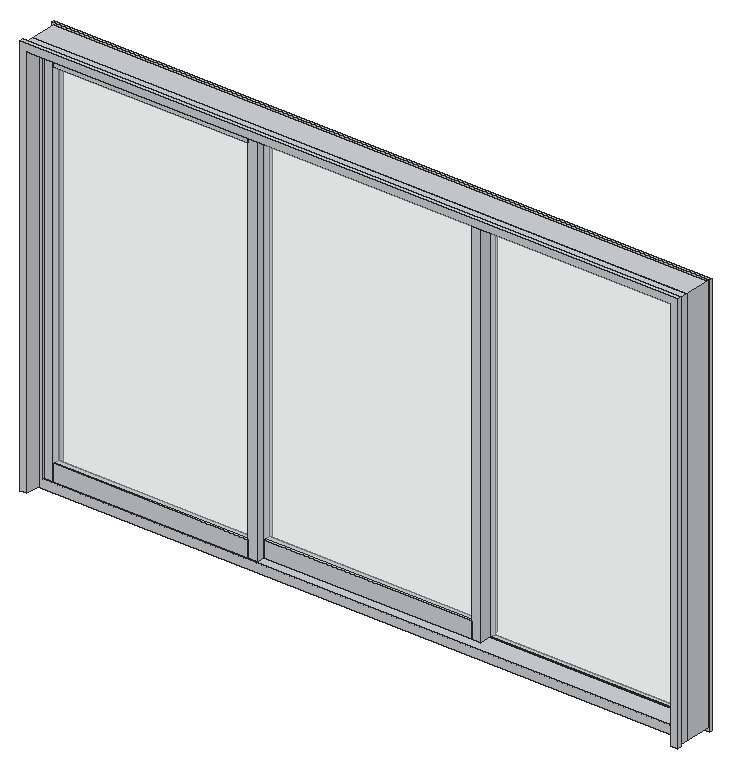
Revit family "APL Residential Thermal Heart Sliding Door SSF", category Doors, host Wall, Revit 2017 (continued)
Definition of nested family "APL Residential Thermal Heart Sliding Door SSF Horizontal Section"
  Definition of nested family "Heavy Duty Interlocker"
    Definition of nested family "65500_Interlocker Stile"
      Lines and regions (mm)
        model lines, in view "Ref. Level"
          curve 16: arc (-24.559, 14.446, 0) -> (-24.704, 14.802, 0) -> (-25.059, 14.95, 0) r 0.5
          curve 17: arc (-27.408, 14.95, 0) -> (-27.627, 14.823, 0) -> (-27.622, 14.57, 0) r 0.25
          curve 18: arc (-27.57, 14.484, 0) -> (-27.437, 14.378, 0) -> (-27.268, 14.381, 0) r 0.25
          curve 19: arc (-26.503, 13.127, 0) -> (-26.47, 13.052, 0) -> (-26.459, 12.971, 0) r 0.3
          curve 20: arc (-26.459, 12.45, 0) -> (-26.536, 12.292, 0) -> (-26.709, 12.256, 0) r 0.2
          curve 21: arc (-30.711, 12.45, 0) -> (-30.834, 12.424, 0) -> (-30.935, 12.35, 0) r 0.3
          curve 22: arc (-30.935, 12.35, 0) -> (-31.266, 12.27, 0) -> (-31.459, 12.55, 0) r 0.3
          curve 23: arc (-30.916, 14.771, 0) -> (-30.864, 14.86, 0) -> (-30.774, 14.912, 0) r 0.2
          curve 24: arc (-30.607, 14.957, 0) -> (-30.465, 15.098, 0) -> (-30.517, 15.291, 0) r 0.2
          curve 25: arc (-30.881, 15.655, 0) -> (-30.966, 15.715, 0) -> (-31.067, 15.742, 0) r 0.3
          curve 26: arc (-33.432, 15.949, 0) -> (-33.697, 15.833, 0) -> (-33.741, 15.547, 0) r 0.3
          curve 27: arc (-33.227, 14.137, 0) -> (-33.14, 14.011, 0) -> (-33.002, 13.945, 0) r 0.3
          curve 28: arc (-33.002, 13.945, 0) -> (-32.759, 13.672, 0) -> (-32.959, 13.367, 0) r 0.3
          curve 29: arc (-32.959, 12.624, 0) -> (-33.017, 12.482, 0) -> (-33.159, 12.424, 0) r 0.2
          curve 30: arc (-35.159, 12.424, 0) -> (-35.512, 12.277, 0) -> (-35.659, 11.924, 0) r 0.5
          curve 31: arc (-35.659, 10.05, 0) -> (-35.717, 9.908, 0) -> (-35.859, 9.85, 0) r 0.2
          curve 32: arc (-45.581, 9.85, 0) -> (-45.935, 9.996, 0) -> (-46.081, 10.349, 0) r 0.499
          curve 33: arc (-46.081, 10.75, 0) -> (-45.935, 11.104, 0) -> (-45.581, 11.25, 0) r 0.5
          curve 34: arc (-44.831, 11.25, 0) -> (-44.69, 11.309, 0) -> (-44.631, 11.45, 0) r 0.2
          curve 35: arc (-44.631, 12.05, 0) -> (-44.69, 12.191, 0) -> (-44.831, 12.25, 0) r 0.2
          curve 36: arc (-47.931, 12.25, 0) -> (-48.072, 12.191, 0) -> (-48.131, 12.05, 0) r 0.2
          curve 37: arc (-48.131, 11.45, 0) -> (-48.072, 11.309, 0) -> (-47.931, 11.25, 0) r 0.2
          curve 38: arc (-47.581, 11.25, 0) -> (-47.44, 11.191, 0) -> (-47.381, 11.05, 0) r 0.2
          curve 39: arc (-47.381, 10.45, 0) -> (-47.44, 10.309, 0) -> (-47.581, 10.25, 0) r 0.2
          curve 40: arc (-47.931, 10.25, 0) -> (-48.072, 10.191, 0) -> (-48.131, 10.05, 0) r 0.2
          curve 41: arc (-48.131, 9.749, 0) -> (-48.277, 9.395, 0) -> (-48.631, 9.249, 0) r 0.5
          curve 42: arc (-49.631, 9.249, 0) -> (-49.985, 9.395, 0) -> (-50.131, 9.749, 0) r 0.5
          curve 43: arc (-50.131, 10.05, 0) -> (-50.19, 10.191, 0) -> (-50.331, 10.25, 0) r 0.2
          curve 44: arc (-50.681, 10.25, 0) -> (-50.822, 10.309, 0) -> (-50.881, 10.45, 0) r 0.2
          curve 45: arc (-50.881, 11.05, 0) -> (-50.822, 11.191, 0) -> (-50.681, 11.25, 0) r 0.2
          curve 46: arc (-50.331, 11.25, 0) -> (-50.19, 11.309, 0) -> (-50.131, 11.45, 0) r 0.2
          curve 47: arc (-50.131, 12.05, 0) -> (-50.19, 12.191, 0) -> (-50.331, 12.25, 0) r 0.2
          curve 48: arc (-51.761, 12.25, 0) -> (-51.902, 12.191, 0) -> (-51.961, 12.05, 0) r 0.2
          curve 49: arc (-52.336, 8.799, 0) -> (-52.711, 8.424, 0) -> (-52.336, 8.049, 0) r 0.375
          curve 50: arc (-33.059, 8.05, 0) -> (-32.559, 8.55, 0) -> (-33.059, 9.05, 0) r 0.5
          curve 51: arc (-33.959, 9.05, 0) -> (-34.1, 9.109, 0) -> (-34.159, 9.25, 0) r 0.2
          curve 52: arc (-34.159, 10.35, 0) -> (-34.1, 10.491, 0) -> (-33.959, 10.55, 0) r 0.2
          curve 53: arc (-26.659, 10.55, 0) -> (-26.517, 10.491, 0) -> (-26.459, 10.35, 0) r 0.2
          curve 54: arc (-26.459, 9.25, 0) -> (-26.517, 9.109, 0) -> (-26.659, 9.05, 0) r 0.2
          curve 55: arc (-27.559, 9.05, 0) -> (-28.059, 8.55, 0) -> (-27.559, 8.05, 0) r 0.5
          curve 56: arc (-19.061, 8.05, 0) -> (-18.707, 7.904, 0) -> (-18.561, 7.55, 0) r 0.5
          curve 57: arc (-18.561, 2.6, 0) -> (-18.854, 1.893, 0) -> (-19.561, 1.6, 0) r 1
          curve 58: arc (-28.809, 1.6, 0) -> (-29.609, 0.8, 0) -> (-28.809, 0, 0) r 0.8
          curve 59: arc (-17.661, 0, 0) -> (-16.954, 0.293, 0) -> (-16.661, 1, 0) r 1
          curve 60: arc (-16.661, 1.8, 0) -> (-16.602, 1.941, 0) -> (-16.461, 2, 0) r 0.2
          curve 61: arc (-15.744, 2, 0) -> (-15.438, 2.199, 0) -> (-15.166, 1.957, 0) r 0.3
          curve 62: arc (-15.166, 1.957, 0) -> (-15.1, 1.819, 0) -> (-14.974, 1.732, 0) r 0.3
          curve 63: line (-13.162, 1.526, 0) -> (-13.369, 3.892, 0)
          curve 64: line (-13.456, 4.078, 0) -> (-13.819, 4.441, 0)
          curve 65: line (-14.154, 4.352, 0) -> (-14.199, 4.184, 0)
          curve 66: line (-14.199, 4.184, 0) -> (-16.329, 3.51, 0)
          curve 67: line (-16.329, 3.51, 0) -> (-16.561, 3.5, 0)
          curve 68: line (-16.661, 4.247, 0) -> (-16.661, 7.475, 0)
          curve 69: line (-16.661, 7.475, 0) -> (-16.855, 8.25, 0)
          curve 70: line (-16.661, 8.5, 0) -> (-16.14, 8.5, 0)
          curve 71: line (-16.14, 8.5, 0) -> (-14.73, 7.691, 0)
          curve 72: line (-14.161, 7.549, 0) -> (-14.161, 7.8, 0)
          curve 73: line (-13.961, 8, 0) -> (-13.688, 8, 0)
          curve 74: line (-13.5, 8.132, 0) -> (-13.266, 8.775, 0)
          curve 75: line (-13.236, 8.946, 0) -> (-13.236, 9.9, 0)
          curve 76: line (-13.736, 10.4, 0) -> (-24.052, 10.4, 0)
          curve 77: line (-24.559, 10.9, 0) -> (-24.559, 14.446, 0)
          curve 78: line (-25.059, 14.95, 0) -> (-27.408, 14.95, 0)
          curve 79: line (-27.268, 14.381, 0) -> (-26.503, 13.127, 0)
          curve 80: line (-26.503, 13.127, 0) -> (-26.459, 12.45, 0)
          curve 81: line (-26.709, 12.256, 0) -> (-27.459, 12.45, 0)
          curve 82: line (-27.434, 12.444, 0) -> (-30.711, 12.45, 0)
          curve 83: line (-31.459, 12.704, 0) -> (-30.916, 14.771, 0)
          curve 84: line (-30.916, 14.771, 0) -> (-30.607, 14.957, 0)
          curve 85: line (-30.517, 15.291, 0) -> (-30.881, 15.655, 0)
          curve 86: line (-31.067, 15.742, 0) -> (-33.432, 15.949, 0)
          curve 87: line (-33.741, 15.547, 0) -> (-33.227, 14.137, 0)
          curve 88: line (-32.959, 13.367, 0) -> (-32.959, 12.624, 0)
          curve 89: line (-33.159, 12.424, 0) -> (-35.159, 12.424, 0)
          curve 90: line (-35.659, 11.924, 0) -> (-35.659, 10.05, 0)
          curve 91: line (-35.859, 9.85, 0) -> (-45.581, 9.85, 0)
          curve 92: line (-46.081, 10.349, 0) -> (-46.081, 10.75, 0)
          curve 93: line (-45.581, 11.25, 0) -> (-44.831, 11.25, 0)
          curve 94: line (-44.631, 11.45, 0) -> (-44.631, 12.05, 0)
          curve 95: line (-44.831, 12.25, 0) -> (-47.931, 12.25, 0)
          curve 96: line (-48.131, 12.05, 0) -> (-48.131, 11.45, 0)
          curve 97: line (-47.931, 11.25, 0) -> (-47.581, 11.25, 0)
          curve 98: line (-47.381, 11.05, 0) -> (-47.381, 10.45, 0)
          curve 99: line (-47.581, 10.25, 0) -> (-47.931, 10.25, 0)
          curve 100: line (-48.131, 10.05, 0) -> (-48.131, 9.749, 0)
          curve 101: line (-48.631, 9.249, 0) -> (-49.631, 9.249, 0)
          curve 102: line (-50.131, 9.749, 0) -> (-50.131, 10.05, 0)
          curve 103: line (-50.331, 10.25, 0) -> (-50.681, 10.25, 0)
          curve 104: line (-50.881, 10.45, 0) -> (-50.881, 11.05, 0)
          curve 105: line (-50.681, 11.25, 0) -> (-50.331, 11.25, 0)
          curve 106: line (-50.131, 11.45, 0) -> (-50.131, 12.05, 0)
          curve 107: line (-50.331, 12.25, 0) -> (-51.761, 12.25, 0)
          curve 108: line (-51.961, 12.05, 0) -> (-51.961, 8.799, 0)
          curve 109: line (-51.961, 8.799, 0) -> (-52.336, 8.799, 0)
          curve 110: line (-52.336, 8.049, 0) -> (-33.059, 8.049, 0)
          curve 111: line (-33.059, 9.05, 0) -> (-33.959, 9.05, 0)
          curve 112: line (-34.159, 9.25, 0) -> (-34.159, 10.35, 0)
          curve 113: line (-33.959, 10.55, 0) -> (-26.659, 10.55, 0)
          curve 114: line (-26.459, 10.35, 0) -> (-26.459, 9.25, 0)
          curve 115: line (-26.659, 9.05, 0) -> (-27.559, 9.05, 0)
          curve 116: line (-27.559, 8.05, 0) -> (-19.061, 8.05, 0)
          curve 117: line (-18.561, 7.55, 0) -> (-18.561, 2.6, 0)
          curve 118: line (-19.561, 1.6, 0) -> (-28.809, 1.6, 0)
          curve 119: line (-28.809, 0, 0) -> (-17.661, 0, 0)
          curve 120: line (-16.661, 1, 0) -> (-16.661, 1.8, 0)
          curve 121: line (-16.461, 2, 0) -> (-15.744, 2, 0)
          curve 122: line (-14.974, 1.732, 0) -> (-13.564, 1.218, 0)
          curve 123: arc (-31.398, 41.7, 0) -> (-31.251, 42.054, 0) -> (-30.898, 42.2, 0) r 0.5
          curve 124: arc (-2.1, 42.2, 0) -> (-1.746, 42.054, 0) -> (-1.6, 41.7, 0) r 0.5
          curve 125: arc (-1.6, 10.9, 0) -> (-1.746, 10.546, 0) -> (-2.1, 10.4, 0) r 0.5
          curve 126: arc (-4.86, 10.4, 0) -> (-5.213, 10.254, 0) -> (-5.36, 9.9, 0) r 0.5
          curve 127: arc (-5.36, 9.042, 0) -> (-5.352, 8.955, 0) -> (-5.33, 8.871, 0) r 0.5
          curve 128: arc (-5.061, 8.132, 0) -> (-4.987, 8.036, 0) -> (-4.873, 8, 0) r 0.2
          curve 129: arc (-4.6, 8, 0) -> (-4.459, 7.941, 0) -> (-4.4, 7.8, 0) r 0.2
          curve 130: arc (-4.4, 7.55, 0) -> (-4.272, 7.332, 0) -> (-4.02, 7.337, 0) r 0.25
          curve 131: arc (-3.934, 7.389, 0) -> (-3.828, 7.521, 0) -> (-3.831, 7.691, 0) r 0.25
          curve 132: arc (-2.577, 8.456, 0) -> (-2.502, 8.489, 0) -> (-2.421, 8.5, 0) r 0.3
          curve 133: arc (-1.9, 8.5, 0) -> (-1.742, 8.422, 0) -> (-1.706, 8.25, 0) r 0.2
          curve 134: arc (-1.9, 4.247, 0) -> (-1.874, 4.125, 0) -> (-1.8, 4.024, 0) r 0.3
          curve 135: arc (-1.8, 4.024, 0) -> (-1.72, 3.693, 0) -> (-2, 3.5, 0) r 0.3
          curve 136: arc (-4.221, 4.043, 0) -> (-4.31, 4.095, 0) -> (-4.362, 4.184, 0) r 0.2
          curve 137: arc (-4.407, 4.352, 0) -> (-4.548, 4.493, 0) -> (-4.741, 4.441, 0) r 0.2
          curve 138: arc (-5.105, 4.078, 0) -> (-5.165, 3.992, 0) -> (-5.192, 3.892, 0) r 0.3
          curve 139: arc (-5.399, 1.526, 0) -> (-5.283, 1.262, 0) -> (-4.997, 1.218, 0) r 0.3
          curve 140: arc (-3.587, 1.732, 0) -> (-3.461, 1.819, 0) -> (-3.395, 1.957, 0) r 0.3
          curve 141: arc (-3.395, 1.957, 0) -> (-3.122, 2.199, 0) -> (-2.817, 2, 0) r 0.3
          curve 142: arc (-2.1, 2, 0) -> (-1.959, 1.941, 0) -> (-1.9, 1.8, 0) r 0.2
          curve 143: arc (-1.9, 1, 0) -> (-1.607, 0.293, 0) -> (-0.9, 0, 0) r 1
          curve 144: arc (-0.5, 0, 0) -> (-0.146, 0.146, 0) -> (0, 0.5, 0) r 0.5
          curve 145: arc (0, 43, 0) -> (-0.293, 43.707, 0) -> (-1, 44, 0) r 1
          curve 146: arc (-52.375, 44, 0) -> (-52.75, 43.625, 0) -> (-52.375, 43.25, 0) r 0.375
          curve 147: arc (-52, 42.15, 0) -> (-51.941, 42.009, 0) -> (-51.8, 41.95, 0) r 0.2
          curve 148: arc (-50.962, 40.688, 0) -> (-50.917, 40.558, 0) -> (-50.797, 40.488, 0) r 0.2
          curve 149: arc (-48.613, 40.25, 0) -> (-48.454, 40.328, 0) -> (-48.42, 40.502, 0) r 0.2
          curve 150: arc (-48.808, 41.948, 0) -> (-48.773, 42.122, 0) -> (-48.615, 42.2, 0) r 0.2
          curve 151: arc (-33.498, 42.2, 0) -> (-33.144, 42.054, 0) -> (-32.998, 41.7, 0) r 0.5
          curve 152: arc (-32.998, 35.05, 0) -> (-32.939, 34.909, 0) -> (-32.798, 34.85, 0) r 0.2
          curve 153: arc (-26.398, 34.85, 0) -> (-26.256, 34.792, 0) -> (-26.198, 34.65, 0) r 0.2
          curve 154: arc (-26.198, 29.353, 0) -> (-26.255, 29.21, 0) -> (-26.398, 29.15, 0) r 0.2
          curve 155: arc (-32.798, 29.15, 0) -> (-32.939, 29.091, 0) -> (-32.998, 28.95, 0) r 0.2
          curve 156: arc (-32.998, 26.333, 0) -> (-32.799, 26.028, 0) -> (-33.041, 25.755, 0) r 0.3
          curve 157: arc (-33.041, 25.755, 0) -> (-33.179, 25.689, 0) -> (-33.266, 25.563, 0) r 0.3
          curve 158: arc (-33.78, 24.153, 0) -> (-33.736, 23.867, 0) -> (-33.472, 23.751, 0) r 0.3
          curve 159: arc (-31.106, 23.958, 0) -> (-31.005, 23.985, 0) -> (-30.92, 24.045, 0) r 0.3
          curve 160: arc (-30.556, 24.409, 0) -> (-30.505, 24.602, 0) -> (-30.646, 24.743, 0) r 0.2
          curve 161: arc (-30.813, 24.788, 0) -> (-30.903, 24.84, 0) -> (-30.955, 24.929, 0) r 0.2
          curve 162: arc (-31.498, 27.15, 0) -> (-31.305, 27.43, 0) -> (-30.974, 27.35, 0) r 0.3
          curve 163: arc (-30.974, 27.35, 0) -> (-30.873, 27.276, 0) -> (-30.75, 27.25, 0) r 0.3
          curve 164: arc (-26.748, 27.444, 0) -> (-26.575, 27.408, 0) -> (-26.498, 27.25, 0) r 0.2
          curve 165: arc (-26.498, 26.729, 0) -> (-26.509, 26.648, 0) -> (-26.542, 26.573, 0) r 0.3
          curve 166: arc (-27.307, 25.319, 0) -> (-27.477, 25.322, 0) -> (-27.609, 25.216, 0) r 0.25
          curve 167: arc (-27.661, 25.13, 0) -> (-27.666, 24.878, 0) -> (-27.448, 24.75, 0) r 0.25
          curve 168: arc (-25.098, 24.75, 0) -> (-24.744, 24.896, 0) -> (-24.598, 25.25, 0) r 0.5
          curve 169: arc (-24.598, 36.25, 0) -> (-24.656, 36.391, 0) -> (-24.798, 36.45, 0) r 0.2
          curve 170: line (-31.398, 36.65, 0) -> (-31.398, 41.7, 0)
          curve 171: line (-30.898, 42.2, 0) -> (-2.1, 42.2, 0)
          curve 172: line (-1.6, 41.7, 0) -> (-1.6, 10.9, 0)
          curve 173: line (-2.1, 10.4, 0) -> (-4.86, 10.4, 0)
          curve 174: line (-5.36, 9.9, 0) -> (-5.36, 9.042, 0)
          curve 175: line (-5.33, 8.871, 0) -> (-5.061, 8.132, 0)
          curve 176: line (-4.873, 8, 0) -> (-4.6, 8, 0)
          curve 177: line (-4.4, 7.8, 0) -> (-4.4, 7.55, 0)
          curve 178: line (-3.831, 7.691, 0) -> (-2.577, 8.456, 0)
          curve 179: line (-2.577, 8.456, 0) -> (-1.9, 8.5, 0)
          curve 180: line (-1.706, 8.25, 0) -> (-1.894, 7.525, 0)
          curve 181: line (-1.894, 7.525, 0) -> (-1.9, 4.247, 0)
          curve 182: line (-2.154, 3.5, 0) -> (-4.221, 4.043, 0)
          curve 183: line (-4.221, 4.043, 0) -> (-4.407, 4.352, 0)
          curve 184: line (-4.741, 4.441, 0) -> (-5.105, 4.078, 0)
          curve 185: line (-5.192, 3.892, 0) -> (-5.399, 1.526, 0)
          curve 186: line (-4.997, 1.218, 0) -> (-3.587, 1.732, 0)
          curve 187: line (-2.817, 2, 0) -> (-2.1, 2, 0)
          curve 188: line (-1.9, 1.8, 0) -> (-1.9, 1, 0)
          curve 189: line (-0.9, 0, 0) -> (-0.5, 0, 0)
          curve 190: line (0, 0.5, 0) -> (0, 43, 0)
          curve 191: line (-1, 44, 0) -> (-52.375, 44, 0)
          curve 192: line (-52.375, 43.25, 0) -> (-52, 43.25, 0)
          curve 193: line (-52, 43.25, 0) -> (-52, 42.15, 0)
          curve 194: line (-51.8, 41.95, 0) -> (-50.962, 41.95, 0)
          curve 195: line (-50.962, 41.95, 0) -> (-50.962, 40.688, 0)
          curve 196: line (-50.797, 40.488, 0) -> (-49.444, 40.25, 0)
          curve 197: line (-49.444, 40.25, 0) -> (-48.613, 40.25, 0)
          curve 198: line (-48.42, 40.502, 0) -> (-48.808, 41.948, 0)
          curve 199: line (-48.615, 42.2, 0) -> (-33.498, 42.2, 0)
          curve 200: line (-32.998, 41.7, 0) -> (-32.998, 35.05, 0)
          curve 201: line (-32.798, 34.85, 0) -> (-26.398, 34.85, 0)
          curve 202: line (-26.198, 34.65, 0) -> (-26.198, 29.353, 0)
          curve 203: line (-26.398, 29.15, 0) -> (-32.798, 29.15, 0)
          curve 204: line (-32.998, 28.95, 0) -> (-32.998, 26.333, 0)
          curve 205: line (-33.266, 25.563, 0) -> (-33.78, 24.153, 0)
          curve 206: line (-33.472, 23.751, 0) -> (-31.106, 23.958, 0)
          curve 207: line (-30.92, 24.045, 0) -> (-30.556, 24.409, 0)
          curve 208: line (-30.646, 24.743, 0) -> (-30.813, 24.788, 0)
          curve 209: line (-30.813, 24.788, 0) -> (-31.487, 26.918, 0)
          curve 210: line (-31.487, 26.918, 0) -> (-31.498, 27.15, 0)
          curve 211: line (-30.75, 27.25, 0) -> (-27.523, 27.25, 0)
          curve 212: line (-27.523, 27.25, 0) -> (-26.748, 27.444, 0)
          curve 213: line (-26.498, 27.25, 0) -> (-26.498, 26.729, 0)
          curve 214: line (-26.498, 26.729, 0) -> (-27.307, 25.319, 0)
          curve 215: line (-27.448, 24.75, 0) -> (-25.098, 24.75, 0)
          curve 216: line (-24.598, 25.25, 0) -> (-24.598, 36.25, 0)
          curve 217: line (-24.798, 36.45, 0) -> (-31.197, 36.45, 0)
          curve 218: arc (-31.197, 36.45, 0) -> (-31.339, 36.508, 0) -> (-31.398, 36.65, 0) r 0.2
          curve 219: arc (-27.398, 12.45, 0) -> (-27.115, 12.567, 0) -> (-26.998, 12.85, 0) r 0.4
          curve 220: arc (-26.998, 13.143, 0) -> (-27.011, 13.246, 0) -> (-27.052, 13.343, 0) r 0.4
          curve 221: arc (-27.936, 14.871, 0) -> (-28.057, 15.161, 0) -> (-28.098, 15.472, 0) r 1.2
          curve 222: arc (-28.098, 16.395, 0) -> (-28.279, 16.968, 0) -> (-28.756, 17.334, 0) r 1
          curve 223: arc (-30.935, 18.127, 0) -> (-31.125, 18.274, 0) -> (-31.198, 18.503, 0) r 0.4
          curve 224: arc (-31.198, 21.197, 0) -> (-31.125, 21.426, 0) -> (-30.935, 21.573, 0) r 0.4
          curve 225: arc (-28.756, 22.366, 0) -> (-28.279, 22.732, 0) -> (-28.098, 23.305, 0) r 1
          curve 226: arc (-28.098, 24.228, 0) -> (-28.057, 24.539, 0) -> (-27.936, 24.829, 0) r 1.2
          curve 227: arc (-27.052, 26.357, 0) -> (-27.011, 26.454, 0) -> (-26.998, 26.557, 0) r 0.4
          curve 228: arc (-26.998, 26.85, 0) -> (-27.115, 27.133, 0) -> (-27.398, 27.25, 0) r 0.4
          curve 229: arc (-30.798, 27.25, 0) -> (-31.081, 27.133, 0) -> (-31.198, 26.85, 0) r 0.4
          curve 230: arc (-31.198, 26.557, 0) -> (-31.184, 26.454, 0) -> (-31.144, 26.357, 0) r 0.4
          curve 231: arc (-30.259, 24.829, 0) -> (-30.138, 24.535, 0) -> (-30.098, 24.22, 0) r 1.2
          curve 232: arc (-30.098, 24.22, 0) -> (-30.151, 24.045, 0) -> (-30.295, 23.934, 0) r 0.3
          curve 233: arc (-32.735, 23.046, 0) -> (-32.925, 22.899, 0) -> (-32.998, 22.67, 0) r 0.4
          curve 234: arc (-32.998, 17.03, 0) -> (-32.925, 16.801, 0) -> (-32.735, 16.654, 0) r 0.4
          curve 235: arc (-30.295, 15.766, 0) -> (-30.151, 15.655, 0) -> (-30.098, 15.48, 0) r 0.3
          curve 236: arc (-30.098, 15.48, 0) -> (-30.138, 15.165, 0) -> (-30.259, 14.871, 0) r 1.2
          curve 237: arc (-31.144, 13.343, 0) -> (-31.184, 13.246, 0) -> (-31.198, 13.143, 0) r 0.4
          curve 238: arc (-31.198, 12.85, 0) -> (-31.081, 12.567, 0) -> (-30.798, 12.45, 0) r 0.4
          curve 239: line (-26.998, 12.85, 0) -> (-26.998, 13.143, 0)
          curve 240: line (-27.052, 13.343, 0) -> (-27.936, 14.871, 0)
          curve 241: line (-28.098, 15.472, 0) -> (-28.098, 16.395, 0)
          curve 242: line (-28.756, 17.334, 0) -> (-30.935, 18.127, 0)
          curve 243: line (-31.198, 18.503, 0) -> (-31.198, 21.197, 0)
          curve 244: line (-30.935, 21.573, 0) -> (-28.756, 22.366, 0)
          curve 245: line (-28.098, 23.305, 0) -> (-28.098, 24.228, 0)
          curve 246: line (-27.936, 24.829, 0) -> (-27.052, 26.357, 0)
          curve 247: line (-26.998, 26.557, 0) -> (-26.998, 26.85, 0)
          curve 248: line (-27.398, 27.25, 0) -> (-30.798, 27.25, 0)
          curve 249: line (-31.198, 26.85, 0) -> (-31.198, 26.557, 0)
          curve 250: line (-31.144, 26.357, 0) -> (-30.259, 24.829, 0)
          curve 251: line (-30.295, 23.934, 0) -> (-32.735, 23.046, 0)
          curve 252: line (-32.998, 22.67, 0) -> (-32.998, 17.03, 0)
          curve 253: line (-32.735, 16.654, 0) -> (-30.295, 15.766, 0)
          curve 254: line (-30.259, 14.871, 0) -> (-31.144, 13.343, 0)
          curve 255: line (-31.198, 13.143, 0) -> (-31.198, 12.85, 0)
          curve 256: line (-30.798, 12.45, 0) -> (-27.398, 12.45, 0)
          curve 257: arc (-16.7, 4.122, 0) -> (-16.583, 3.839, 0) -> (-16.3, 3.722, 0) r 0.4
          curve 258: arc (-16.007, 3.722, 0) -> (-15.904, 3.736, 0) -> (-15.807, 3.776, 0) r 0.4
          curve 259: arc (-14.279, 4.66, 0) -> (-13.989, 4.781, 0) -> (-13.678, 4.822, 0) r 1.2
          curve 260: arc (-12.755, 4.822, 0) -> (-12.182, 5.003, 0) -> (-11.816, 5.48, 0) r 1
          curve 261: arc (-11.023, 7.659, 0) -> (-10.876, 7.849, 0) -> (-10.647, 7.922, 0) r 0.4
          curve 262: arc (-7.953, 7.922, 0) -> (-7.724, 7.849, 0) -> (-7.577, 7.659, 0) r 0.4
          curve 263: arc (-6.784, 5.48, 0) -> (-6.418, 5.003, 0) -> (-5.845, 4.822, 0) r 1
          curve 264: arc (-4.922, 4.822, 0) -> (-4.611, 4.781, 0) -> (-4.321, 4.66, 0) r 1.2
          curve 265: arc (-2.793, 3.776, 0) -> (-2.696, 3.736, 0) -> (-2.593, 3.722, 0) r 0.4
          curve 266: arc (-2.3, 3.722, 0) -> (-2.017, 3.839, 0) -> (-1.9, 4.122, 0) r 0.4
          curve 267: arc (-1.9, 7.522, 0) -> (-2.017, 7.805, 0) -> (-2.3, 7.922, 0) r 0.4
          curve 268: arc (-2.593, 7.922, 0) -> (-2.696, 7.908, 0) -> (-2.793, 7.868, 0) r 0.4
          curve 269: arc (-4.321, 6.983, 0) -> (-4.615, 6.862, 0) -> (-4.93, 6.822, 0) r 1.2
          curve 270: arc (-4.93, 6.822, 0) -> (-5.105, 6.875, 0) -> (-5.216, 7.019, 0) r 0.3
          curve 271: arc (-6.104, 9.459, 0) -> (-6.251, 9.649, 0) -> (-6.48, 9.722, 0) r 0.4
          curve 272: arc (-12.12, 9.722, 0) -> (-12.349, 9.649, 0) -> (-12.496, 9.459, 0) r 0.4
          curve 273: arc (-13.384, 7.019, 0) -> (-13.495, 6.875, 0) -> (-13.67, 6.822, 0) r 0.3
          curve 274: arc (-13.67, 6.822, 0) -> (-13.985, 6.862, 0) -> (-14.279, 6.983, 0) r 1.2
          curve 275: arc (-15.807, 7.868, 0) -> (-15.904, 7.908, 0) -> (-16.007, 7.922, 0) r 0.4
          curve 276: arc (-16.3, 7.922, 0) -> (-16.583, 7.805, 0) -> (-16.7, 7.522, 0) r 0.4
          curve 277: line (-16.3, 3.722, 0) -> (-16.007, 3.722, 0)
          curve 278: line (-15.807, 3.776, 0) -> (-14.279, 4.66, 0)
          curve 279: line (-13.678, 4.822, 0) -> (-12.755, 4.822, 0)
          curve 280: line (-11.816, 5.48, 0) -> (-11.023, 7.659, 0)
          curve 281: line (-10.647, 7.922, 0) -> (-7.953, 7.922, 0)
          curve 282: line (-7.577, 7.659, 0) -> (-6.784, 5.48, 0)
          curve 283: line (-5.845, 4.822, 0) -> (-4.922, 4.822, 0)
          curve 284: line (-4.321, 4.66, 0) -> (-2.793, 3.776, 0)
          curve 285: line (-2.593, 3.722, 0) -> (-2.3, 3.722, 0)
          curve 286: line (-1.9, 4.122, 0) -> (-1.9, 7.522, 0)
          curve 287: line (-2.3, 7.922, 0) -> (-2.593, 7.922, 0)
          curve 288: line (-2.793, 7.868, 0) -> (-4.321, 6.983, 0)
          curve 289: line (-5.216, 7.019, 0) -> (-6.104, 9.459, 0)
          curve 290: line (-6.48, 9.722, 0) -> (-12.12, 9.722, 0)
          curve 291: line (-12.496, 9.459, 0) -> (-13.384, 7.019, 0)
          curve 292: line (-14.279, 6.983, 0) -> (-15.807, 7.868, 0)
          curve 293: line (-16.007, 7.922, 0) -> (-16.3, 7.922, 0)
          curve 294: line (-16.7, 7.522, 0) -> (-16.7, 4.122, 0)
      Text (mm)
        text "65500" at (-34.845, 58.95, 0), in view "Ref. Level"
    Definition of nested family "65430_Interlocker Mullion"
      Reference planes
        plane 1 "Center (Front/Back)": y = 0
        plane 2: z = 0
        plane 3 "Center (Left/Right)": x = 0
      Lines and regions (mm)
        model lines, in view "Ref. Level"
          curve 1: arc (-22, -68.499, 0) -> (-21.854, -68.853, 0) -> (-21.5, -69, 0) r 0.5
          curve 2: arc (-18.7, -69, 0) -> (-18.346, -69.146, 0) -> (-18.2, -69.5, 0) r 0.5
          curve 3: arc (-18.2, -70, 0) -> (-18.346, -70.354, 0) -> (-18.7, -70.5, 0) r 0.5
          curve 4: arc (-20.5, -70.5, 0) -> (-21.207, -70.793, 0) -> (-21.5, -71.5, 0) r 1
          curve 5: arc (-21.5, -103, 0) -> (-21.207, -103.707, 0) -> (-20.5, -104, 0) r 1
          curve 6: arc (-2.5, -104, 0) -> (-1.793, -103.707, 0) -> (-1.5, -103, 0) r 1
          curve 7: arc (-2.139, -60.635, 0) -> (-2.453, -59.97, 0) -> (-3.137, -59.7, 0) r 1
          curve 8: arc (-21.001, -59.7, 0) -> (-21.707, -59.993, 0) -> (-22, -60.7, 0) r 1
          curve 9: arc (-2.656, -39.952, 0) -> (-2.153, -39.947, 0) -> (-1.9, -40.381, 0) r 0.5
          curve 10: arc (-2.144, -56.86, 0) -> (-2.456, -57.528, 0) -> (-3.142, -57.8, 0) r 1
          curve 11: arc (-24.1, -57.8, 0) -> (-24.454, -57.654, 0) -> (-24.6, -57.3, 0) r 0.5
          curve 12: arc (-24.6, -55.802, 0) -> (-24.746, -55.447, 0) -> (-25.1, -55.3, 0) r 0.5
          curve 13: arc (-27.449, -55.3, 0) -> (-27.668, -55.427, 0) -> (-27.663, -55.68, 0) r 0.25
          curve 14: arc (-27.611, -55.766, 0) -> (-27.479, -55.872, 0) -> (-27.309, -55.869, 0) r 0.25
          curve 15: arc (-26.544, -57.122, 0) -> (-26.511, -57.198, 0) -> (-26.5, -57.279, 0) r 0.3
          curve 16: arc (-26.5, -57.8, 0) -> (-26.578, -57.958, 0) -> (-26.75, -57.994, 0) r 0.2
          curve 17: arc (-30.753, -57.8, 0) -> (-30.875, -57.826, 0) -> (-30.976, -57.9, 0) r 0.3
          curve 18: arc (-30.976, -57.9, 0) -> (-31.307, -57.98, 0) -> (-31.5, -57.7, 0) r 0.3
          curve 19: arc (-30.957, -55.479, 0) -> (-30.905, -55.39, 0) -> (-30.816, -55.338, 0) r 0.2
          curve 20: arc (-30.648, -55.293, 0) -> (-30.507, -55.152, 0) -> (-30.559, -54.959, 0) r 0.2
          curve 21: arc (-30.922, -54.595, 0) -> (-31.008, -54.535, 0) -> (-31.108, -54.508, 0) r 0.3
          curve 22: arc (-33.474, -54.301, 0) -> (-33.738, -54.417, 0) -> (-33.782, -54.703, 0) r 0.3
          curve 23: arc (-33.268, -56.113, 0) -> (-33.181, -56.239, 0) -> (-33.043, -56.305, 0) r 0.3
          curve 24: arc (-33.043, -56.305, 0) -> (-32.801, -56.578, 0) -> (-33, -56.883, 0) r 0.3
          curve 25: arc (-33, -61, 0) -> (-32.941, -61.141, 0) -> (-32.8, -61.2, 0) r 0.2
          curve 26: arc (-32.5, -61.2, 0) -> (-32.2, -61.12, 0) -> (-31.98, -60.9, 0) r 0.6
          curve 27: arc (-31.345, -59.8, 0) -> (-31.272, -59.727, 0) -> (-31.172, -59.7, 0) r 0.2
          curve 28: arc (-25, -59.7, 0) -> (-24.293, -59.993, 0) -> (-24, -60.7, 0) r 1
          curve 29: arc (-24, -68.037, 0) -> (-24.286, -68.737, 0) -> (-24.98, -69.037, 0) r 1
          curve 30: arc (-31.935, -69.178, 0) -> (-32.052, -69.143, 0) -> (-32.127, -69.047, 0) r 0.2
          curve 31: arc (-32.127, -69.047, 0) -> (-32.234, -68.879, 0) -> (-32.403, -68.775, 0) r 0.45
          curve 32: arc (-32.403, -68.775, 0) -> (-32.522, -68.771, 0) -> (-32.621, -68.835, 0) r 0.2
          curve 33: arc (-33, -70.3, 0) -> (-32.941, -70.441, 0) -> (-32.8, -70.5, 0) r 0.2
          curve 34: arc (-23.2, -70.5, 0) -> (-23.059, -70.559, 0) -> (-23, -70.7, 0) r 0.2
          curve 35: arc (-23, -107, 0) -> (-22.414, -108.414, 0) -> (-21, -109, 0) r 2
          curve 36: arc (-2, -109, 0) -> (-0.586, -108.414, 0) -> (0, -107, 0) r 2
          curve 37: arc (0, -0.2, 0) -> (-0.059, -0.059, 0) -> (-0.2, 0, 0) r 0.2
          curve 38: arc (-0.8, 0, 0) -> (-0.941, -0.059, 0) -> (-1, -0.2, 0) r 0.2
          curve 39: arc (-1, -0.8, 0) -> (-1.059, -0.941, 0) -> (-1.2, -1, 0) r 0.2
          curve 40: arc (-8.75, -1, 0) -> (-9.25, -1.5, 0) -> (-8.75, -2, 0) r 0.5
          curve 41: arc (-7.85, -2, 0) -> (-7.709, -2.059, 0) -> (-7.65, -2.2, 0) r 0.2
          curve 42: arc (-7.65, -3.3, 0) -> (-7.709, -3.441, 0) -> (-7.85, -3.5, 0) r 0.2
          curve 43: arc (-15.15, -3.5, 0) -> (-15.291, -3.441, 0) -> (-15.35, -3.3, 0) r 0.2
          curve 44: arc (-15.35, -2.2, 0) -> (-15.291, -2.059, 0) -> (-15.15, -2, 0) r 0.2
          curve 45: arc (-14.25, -2, 0) -> (-13.75, -1.5, 0) -> (-14.25, -1, 0) r 0.5
          curve 46: arc (-14.85, -1, 0) -> (-15.204, -0.854, 0) -> (-15.35, -0.5, 0) r 0.5
          curve 47: arc (-15.35, -0.5, 0) -> (-15.496, -0.146, 0) -> (-15.85, 0, 0) r 0.5
          curve 48: arc (-30.65, 0, 0) -> (-31.399, -0.721, 0) -> (-30.709, -1.498, 0) r 0.75
          curve 49: arc (-20.534, -2.423, 0) -> (-20.403, -2.487, 0) -> (-20.35, -2.623, 0) r 0.2
          curve 50: arc (-20.35, -3.25, 0) -> (-19.85, -3.75, 0) -> (-19.35, -3.25, 0) r 0.5
          curve 51: arc (-19.35, -2.7, 0) -> (-19.291, -2.559, 0) -> (-19.15, -2.5, 0) r 0.2
          curve 52: arc (-18.05, -2.5, 0) -> (-17.909, -2.559, 0) -> (-17.85, -2.7, 0) r 0.2
          curve 53: arc (-17.85, -7.8, 0) -> (-17.909, -7.941, 0) -> (-18.05, -8, 0) r 0.2
          curve 54: arc (-19.15, -8, 0) -> (-19.291, -7.941, 0) -> (-19.35, -7.8, 0) r 0.2
          curve 55: arc (-19.35, -7.25, 0) -> (-19.85, -6.75, 0) -> (-20.35, -7.25, 0) r 0.5
          curve 56: arc (-20.35, -7.85, 0) -> (-20.409, -7.991, 0) -> (-20.55, -8.05, 0) r 0.2
          curve 57: arc (-36.217, -8.05, 0) -> (-36.522, -8.249, 0) -> (-36.795, -8.007, 0) r 0.3
          curve 58: arc (-36.795, -8.007, 0) -> (-36.861, -7.869, 0) -> (-36.987, -7.782, 0) r 0.3
          curve 59: arc (-38.397, -7.268, 0) -> (-38.683, -7.312, 0) -> (-38.799, -7.576, 0) r 0.3
          curve 60: arc (-38.592, -9.942, 0) -> (-38.565, -10.042, 0) -> (-38.505, -10.128, 0) r 0.3
          curve 61: arc (-38.141, -10.491, 0) -> (-37.948, -10.543, 0) -> (-37.807, -10.402, 0) r 0.2
          curve 62: arc (-37.762, -10.234, 0) -> (-37.71, -10.145, 0) -> (-37.621, -10.093, 0) r 0.2
          curve 63: arc (-35.4, -9.55, 0) -> (-35.12, -9.743, 0) -> (-35.2, -10.074, 0) r 0.3
          curve 64: arc (-35.2, -10.074, 0) -> (-35.274, -10.175, 0) -> (-35.3, -10.297, 0) r 0.3
          curve 65: arc (-35.106, -14.3, 0) -> (-35.142, -14.472, 0) -> (-35.3, -14.55, 0) r 0.2
          curve 66: arc (-35.821, -14.55, 0) -> (-35.902, -14.539, 0) -> (-35.977, -14.506, 0) r 0.3
          curve 67: arc (-37.231, -13.741, 0) -> (-37.228, -13.571, 0) -> (-37.334, -13.439, 0) r 0.25
          curve 68: arc (-37.42, -13.387, 0) -> (-37.672, -13.382, 0) -> (-37.8, -13.6, 0) r 0.25
          curve 69: arc (-37.8, -15.625, 0) -> (-37.774, -15.722, 0) -> (-37.704, -15.795, 0) r 0.2
          curve 70: arc (-36.751, -16.377, 0) -> (-36.626, -16.431, 0) -> (-36.491, -16.45, 0) r 0.5
          curve 71: arc (-33.9, -16.45, 0) -> (-33.546, -16.304, 0) -> (-33.4, -15.95, 0) r 0.5
          curve 72: arc (-33.4, -11.051, 0) -> (-33.254, -10.697, 0) -> (-32.9, -10.55, 0) r 0.5
          curve 73: arc (-18.052, -10.55, 0) -> (-16.142, -9.76, 0) -> (-15.35, -7.85, 0) r 2.7
          curve 74: arc (-15.35, -6.2, 0) -> (-15.291, -6.059, 0) -> (-15.15, -6, 0) r 0.2
          curve 75: arc (-7.85, -6, 0) -> (-6.162, -5.408, 0) -> (-5.215, -3.891, 0) r 2.7
          curve 76: arc (-5.215, -3.891, 0) -> (-5.04, -3.61, 0) -> (-4.727, -3.5, 0) r 0.5
          curve 77: arc (-2.4, -3.5, 0) -> (-2.046, -3.646, 0) -> (-1.9, -4, 0) r 0.5
          curve 78: line (-22, -60.7, 0) -> (-22, -68.499, 0)
          curve 79: line (-21.5, -69, 0) -> (-18.7, -69, 0)
          curve 80: line (-18.2, -69.5, 0) -> (-18.2, -70, 0)
          curve 81: line (-18.7, -70.5, 0) -> (-20.5, -70.5, 0)
          curve 82: line (-21.5, -71.5, 0) -> (-21.5, -103, 0)
          curve 83: line (-20.5, -104, 0) -> (-2.5, -104, 0)
          curve 84: line (-1.5, -103, 0) -> (-1.5, -70.5, 0)
          curve 85: line (-1.5, -70.5, 0) -> (-2.139, -60.635, 0)
          curve 86: line (-3.137, -59.7, 0) -> (-21.001, -59.7, 0)
          curve 87: line (-1.9, -40.381, 0) -> (-1.9, -52.8, 0)
          curve 88: line (-1.9, -52.8, 0) -> (-2.144, -56.86, 0)
          curve 89: line (-3.142, -57.8, 0) -> (-24.1, -57.8, 0)
          curve 90: line (-24.6, -57.3, 0) -> (-24.6, -55.802, 0)
          curve 91: line (-25.1, -55.3, 0) -> (-27.449, -55.3, 0)
          curve 92: line (-27.309, -55.869, 0) -> (-26.544, -57.122, 0)
          curve 93: line (-26.544, -57.122, 0) -> (-26.5, -57.8, 0)
          curve 94: line (-26.75, -57.994, 0) -> (-27.475, -57.806, 0)
          curve 95: line (-27.475, -57.806, 0) -> (-30.753, -57.8, 0)
          curve 96: line (-31.5, -57.546, 0) -> (-30.957, -55.479, 0)
          curve 97: line (-30.957, -55.479, 0) -> (-30.648, -55.293, 0)
          curve 98: line (-30.559, -54.959, 0) -> (-30.922, -54.595, 0)
          curve 99: line (-31.108, -54.508, 0) -> (-33.474, -54.301, 0)
          curve 100: line (-33.782, -54.703, 0) -> (-33.268, -56.113, 0)
          curve 101: line (-33, -56.883, 0) -> (-33, -61, 0)
          curve 102: line (-32.8, -61.2, 0) -> (-32.5, -61.2, 0)
          curve 103: line (-31.98, -60.9, 0) -> (-31.345, -59.8, 0)
          curve 104: line (-31.172, -59.7, 0) -> (-25, -59.7, 0)
          curve 105: line (-24, -60.7, 0) -> (-24, -68.037, 0)
          curve 106: line (-24.98, -69.037, 0) -> (-31.935, -69.178, 0)
          curve 107: line (-32.621, -68.835, 0) -> (-32.953, -69.231, 0)
          curve 108: line (-32.953, -69.231, 0) -> (-33, -70.3, 0)
          curve 109: line (-32.8, -70.5, 0) -> (-23.2, -70.5, 0)
          curve 110: line (-23, -70.7, 0) -> (-23, -107, 0)
          curve 111: line (-21, -109, 0) -> (-2, -109, 0)
          curve 112: line (0, -107, 0) -> (0, -0.2, 0)
          curve 113: line (-0.2, 0, 0) -> (-0.8, 0, 0)
          curve 114: line (-1, -0.2, 0) -> (-1, -0.8, 0)
          curve 115: line (-1.2, -1, 0) -> (-8.75, -1, 0)
          curve 116: line (-8.75, -2, 0) -> (-7.85, -2, 0)
          curve 117: line (-7.65, -2.2, 0) -> (-7.65, -3.3, 0)
          curve 118: line (-7.85, -3.5, 0) -> (-15.15, -3.5, 0)
          curve 119: line (-15.35, -3.3, 0) -> (-15.35, -2.2, 0)
          curve 120: line (-15.15, -2, 0) -> (-14.25, -2, 0)
          curve 121: line (-14.25, -1, 0) -> (-14.85, -1, 0)
          curve 122: line (-15.85, 0, 0) -> (-30.65, 0, 0)
          curve 123: line (-30.709, -1.498, 0) -> (-20.534, -2.423, 0)
          curve 124: line (-20.35, -2.623, 0) -> (-20.35, -3.25, 0)
          curve 125: line (-19.35, -3.25, 0) -> (-19.35, -2.7, 0)
          curve 126: line (-19.15, -2.5, 0) -> (-18.05, -2.5, 0)
          curve 127: line (-17.85, -2.7, 0) -> (-17.85, -7.8, 0)
          curve 128: line (-18.05, -8, 0) -> (-19.15, -8, 0)
          curve 129: line (-19.35, -7.8, 0) -> (-19.35, -7.25, 0)
          curve 130: line (-20.35, -7.25, 0) -> (-20.35, -7.85, 0)
          curve 131: line (-20.55, -8.05, 0) -> (-36.217, -8.05, 0)
          curve 132: line (-36.987, -7.782, 0) -> (-38.397, -7.268, 0)
          curve 133: line (-38.799, -7.576, 0) -> (-38.592, -9.942, 0)
          curve 134: line (-38.505, -10.128, 0) -> (-38.141, -10.491, 0)
          curve 135: line (-37.807, -10.402, 0) -> (-37.762, -10.234, 0)
          curve 136: line (-37.762, -10.234, 0) -> (-35.632, -9.56, 0)
          curve 137: line (-35.632, -9.56, 0) -> (-35.4, -9.55, 0)
          curve 138: line (-35.3, -10.297, 0) -> (-35.3, -13.525, 0)
          curve 139: line (-35.3, -13.525, 0) -> (-35.106, -14.3, 0)
          curve 140: line (-35.3, -14.55, 0) -> (-35.821, -14.55, 0)
          curve 141: line (-35.821, -14.55, 0) -> (-37.231, -13.741, 0)
          curve 142: line (-37.8, -13.6, 0) -> (-37.8, -15.625, 0)
          curve 143: line (-37.704, -15.795, 0) -> (-36.751, -16.377, 0)
          curve 144: line (-36.491, -16.45, 0) -> (-33.9, -16.45, 0)
          curve 145: line (-33.4, -15.95, 0) -> (-33.4, -11.051, 0)
          curve 146: line (-32.9, -10.55, 0) -> (-18.052, -10.55, 0)
          curve 147: line (-15.35, -7.85, 0) -> (-15.35, -6.2, 0)
          curve 148: line (-15.15, -6, 0) -> (-7.85, -6, 0)
          curve 149: line (-4.727, -3.5, 0) -> (-2.4, -3.5, 0)
          curve 150: line (-1.9, -4, 0) -> (-1.9, -32.819, 0)
          curve 151: arc (-1.9, -32.819, 0) -> (-2.153, -33.253, 0) -> (-2.656, -33.248, 0) r 0.5
          curve 152: arc (-2.656, -33.248, 0) -> (-5.107, -32.727, 0) -> (-7.37, -33.805, 0) r 3.9
          curve 153: arc (-7.37, -33.805, 0) -> (-7.387, -35.078, 0) -> (-6.115, -35.095, 0) r 0.9
          curve 154: arc (-6.115, -35.095, 0) -> (-4.65, -34.5, 0) -> (-3.185, -35.095, 0) r 2.1
          curve 155: arc (-3.185, -35.095, 0) -> (-3.023, -35.22, 0) -> (-2.836, -35.306, 0) r 0.9
          curve 156: arc (-2.836, -35.306, 0) -> (-2.664, -35.403, 0) -> (-2.543, -35.56, 0) r 0.5
          curve 157: arc (-2.543, -35.56, 0) -> (-2.3, -36.6, 0) -> (-2.543, -37.64, 0) r 2.35
          curve 158: arc (-2.543, -37.64, 0) -> (-2.664, -37.797, 0) -> (-2.836, -37.894, 0) r 0.5
          curve 159: arc (-2.836, -37.894, 0) -> (-3.023, -37.98, 0) -> (-3.185, -38.105, 0) r 0.9
          curve 160: arc (-3.185, -38.105, 0) -> (-4.65, -38.7, 0) -> (-6.115, -38.105, 0) r 2.1
          curve 161: arc (-6.115, -38.105, 0) -> (-7.387, -38.122, 0) -> (-7.37, -39.395, 0) r 0.9
          curve 162: arc (-7.37, -39.395, 0) -> (-5.107, -40.473, 0) -> (-2.656, -39.952, 0) r 3.9
          curve 163: arc (-24.6, -45, 0) -> (-24.746, -45.354, 0) -> (-25.1, -45.5, 0) r 0.5
          curve 164: arc (-27.45, -45.5, 0) -> (-27.668, -45.372, 0) -> (-27.663, -45.12, 0) r 0.25
          curve 165: arc (-27.611, -45.034, 0) -> (-27.479, -44.928, 0) -> (-27.309, -44.931, 0) r 0.25
          curve 166: arc (-26.544, -43.677, 0) -> (-26.511, -43.602, 0) -> (-26.5, -43.521, 0) r 0.3
          curve 167: arc (-26.5, -43, 0) -> (-26.578, -42.842, 0) -> (-26.75, -42.806, 0) r 0.2
          curve 168: arc (-30.753, -43, 0) -> (-30.875, -42.974, 0) -> (-30.976, -42.9, 0) r 0.3
          curve 169: arc (-30.976, -42.9, 0) -> (-31.307, -42.82, 0) -> (-31.5, -43.1, 0) r 0.3
          curve 170: arc (-30.957, -45.321, 0) -> (-30.905, -45.41, 0) -> (-30.816, -45.462, 0) r 0.2
          curve 171: arc (-30.648, -45.507, 0) -> (-30.507, -45.648, 0) -> (-30.559, -45.841, 0) r 0.2
          curve 172: arc (-30.922, -46.205, 0) -> (-31.008, -46.265, 0) -> (-31.108, -46.292, 0) r 0.3
          curve 173: arc (-33.474, -46.499, 0) -> (-33.738, -46.383, 0) -> (-33.782, -46.097, 0) r 0.3
          curve 174: arc (-33.268, -44.687, 0) -> (-33.181, -44.561, 0) -> (-33.043, -44.495, 0) r 0.3
          curve 175: arc (-33.043, -44.495, 0) -> (-32.801, -44.222, 0) -> (-33, -43.917, 0) r 0.3
          curve 176: arc (-33, -26.1, 0) -> (-33.059, -25.959, 0) -> (-33.2, -25.9, 0) r 0.2
          curve 177: arc (-44.5, -27, 0) -> (-44.793, -27.707, 0) -> (-45.5, -28, 0) r 1
          curve 178: arc (-46.25, -28, 0) -> (-46.749, -27.5, 0) -> (-46.25, -27, 0) r 0.5
          curve 179: arc (-50.25, -27, 0) -> (-49.749, -27.5, 0) -> (-50.25, -28, 0) r 0.5
          curve 180: arc (-51.8, -28, 0) -> (-51.941, -27.941, 0) -> (-52, -27.8, 0) r 0.2
          curve 181: arc (-52, -8.552, 0) -> (-51.854, -8.197, 0) -> (-51.5, -8.05, 0) r 0.5
          curve 182: arc (-49.183, -8.05, 0) -> (-48.878, -8.249, 0) -> (-48.605, -8.007, 0) r 0.3
          curve 183: arc (-48.605, -8.007, 0) -> (-48.539, -7.869, 0) -> (-48.413, -7.782, 0) r 0.3
          curve 184: arc (-47.003, -7.268, 0) -> (-46.717, -7.312, 0) -> (-46.601, -7.576, 0) r 0.3
          curve 185: arc (-46.808, -9.942, 0) -> (-46.835, -10.042, 0) -> (-46.895, -10.128, 0) r 0.3
          curve 186: arc (-47.259, -10.491, 0) -> (-47.452, -10.543, 0) -> (-47.593, -10.402, 0) r 0.2
          curve 187: arc (-47.638, -10.234, 0) -> (-47.69, -10.145, 0) -> (-47.779, -10.093, 0) r 0.2
          curve 188: arc (-50, -9.55, 0) -> (-50.28, -9.743, 0) -> (-50.2, -10.074, 0) r 0.3
          curve 189: arc (-50.2, -10.074, 0) -> (-50.126, -10.175, 0) -> (-50.1, -10.297, 0) r 0.3
          curve 190: arc (-50.294, -14.3, 0) -> (-50.258, -14.472, 0) -> (-50.1, -14.55, 0) r 0.2
          curve 191: arc (-49.579, -14.55, 0) -> (-49.498, -14.539, 0) -> (-49.423, -14.506, 0) r 0.3
          curve 192: arc (-48.169, -13.741, 0) -> (-48.172, -13.571, 0) -> (-48.066, -13.439, 0) r 0.25
          curve 193: arc (-47.98, -13.387, 0) -> (-47.728, -13.382, 0) -> (-47.6, -13.6, 0) r 0.25
          curve 194: arc (-47.6, -15.625, 0) -> (-47.626, -15.722, 0) -> (-47.696, -15.795, 0) r 0.2
          curve 195: arc (-50.261, -17.361, 0) -> (-50.436, -17.543, 0) -> (-50.5, -17.788, 0) r 0.5
          curve 196: arc (-50.5, -23.5, 0) -> (-50.354, -23.854, 0) -> (-50, -24, 0) r 0.5
          curve 197: arc (-45.5, -24, 0) -> (-44.986, -24.091, 0) -> (-44.533, -24.353, 0) r 1.5
          curve 198: arc (-33.2, -24.4, 0) -> (-31.998, -24.898, 0) -> (-31.5, -26.1, 0) r 1.7
          curve 199: line (-24.6, -43, 0) -> (-24.6, -45, 0)
          curve 200: line (-25.1, -45.5, 0) -> (-27.45, -45.5, 0)
          curve 201: line (-27.309, -44.931, 0) -> (-26.544, -43.677, 0)
          curve 202: line (-26.544, -43.677, 0) -> (-26.5, -43, 0)
          curve 203: line (-26.75, -42.806, 0) -> (-27.475, -42.994, 0)
          curve 204: line (-27.475, -42.994, 0) -> (-30.753, -43, 0)
          curve 205: line (-31.5, -43.254, 0) -> (-30.957, -45.321, 0)
          curve 206: line (-30.957, -45.321, 0) -> (-30.648, -45.507, 0)
          curve 207: line (-30.559, -45.841, 0) -> (-30.922, -46.205, 0)
          curve 208: line (-31.108, -46.292, 0) -> (-33.474, -46.499, 0)
          curve 209: line (-33.782, -46.097, 0) -> (-33.268, -44.687, 0)
          curve 210: line (-33, -43.917, 0) -> (-33, -37, 0)
          curve 211: line (-33, -37, 0) -> (-32.6, -36.6, 0)
          curve 212: line (-32.6, -36.6, 0) -> (-33, -36.2, 0)
          curve 213: line (-33, -36.2, 0) -> (-33, -26.1, 0)
          curve 214: line (-33.2, -25.9, 0) -> (-44.5, -25.9, 0)
          curve 215: line (-44.5, -25.9, 0) -> (-44.5, -27, 0)
          curve 216: line (-45.5, -28, 0) -> (-46.25, -28, 0)
          curve 217: line (-46.25, -27, 0) -> (-45.5, -27, 0)
          curve 218: line (-45.5, -27, 0) -> (-45.5, -25.5, 0)
          curve 219: line (-45.5, -25.5, 0) -> (-51, -25.5, 0)
          curve 220: line (-51, -25.5, 0) -> (-51, -27, 0)
          curve 221: line (-51, -27, 0) -> (-50.25, -27, 0)
          curve 222: line (-50.25, -28, 0) -> (-51.8, -28, 0)
          curve 223: line (-52, -27.8, 0) -> (-52, -8.552, 0)
          curve 224: line (-51.5, -8.05, 0) -> (-49.183, -8.05, 0)
          curve 225: line (-48.413, -7.782, 0) -> (-47.003, -7.268, 0)
          curve 226: line (-46.601, -7.576, 0) -> (-46.808, -9.942, 0)
          curve 227: line (-46.895, -10.128, 0) -> (-47.259, -10.491, 0)
          curve 228: line (-47.593, -10.402, 0) -> (-47.638, -10.234, 0)
          curve 229: line (-47.638, -10.234, 0) -> (-49.768, -9.56, 0)
          curve 230: line (-49.768, -9.56, 0) -> (-50, -9.55, 0)
          curve 231: line (-50.1, -10.297, 0) -> (-50.1, -13.525, 0)
          curve 232: line (-50.1, -13.525, 0) -> (-50.294, -14.3, 0)
          curve 233: line (-50.1, -14.55, 0) -> (-49.579, -14.55, 0)
          curve 234: line (-49.579, -14.55, 0) -> (-48.169, -13.741, 0)
          curve 235: line (-47.6, -13.6, 0) -> (-47.6, -15.625, 0)
          curve 236: line (-47.696, -15.795, 0) -> (-50.261, -17.361, 0)
          curve 237: line (-50.5, -17.788, 0) -> (-50.5, -23.5, 0)
          curve 238: line (-50, -24, 0) -> (-45.5, -24, 0)
          curve 239: line (-44.405, -24.4, 0) -> (-33.2, -24.4, 0)
          curve 240: line (-31.5, -26.1, 0) -> (-31.5, -33.014, 0)
          curve 241: arc (-31.5, -33.014, 0) -> (-31.229, -33.459, 0) -> (-30.71, -33.422, 0) r 0.5
          curve 242: arc (-30.71, -33.422, 0) -> (-28.151, -32.711, 0) -> (-25.73, -33.805, 0) r 3.9
          curve 243: arc (-25.73, -33.805, 0) -> (-25.713, -35.078, 0) -> (-26.985, -35.095, 0) r 0.9
          curve 244: arc (-26.985, -35.095, 0) -> (-28.45, -34.5, 0) -> (-29.915, -35.095, 0) r 2.1
          curve 245: arc (-29.915, -35.095, 0) -> (-30.077, -35.22, 0) -> (-30.264, -35.306, 0) r 0.9
          curve 246: arc (-30.264, -35.306, 0) -> (-30.436, -35.403, 0) -> (-30.557, -35.56, 0) r 0.5
          curve 247: arc (-30.557, -35.56, 0) -> (-30.8, -36.6, 0) -> (-30.557, -37.64, 0) r 2.35
          curve 248: arc (-30.557, -37.64, 0) -> (-30.436, -37.797, 0) -> (-30.264, -37.894, 0) r 0.5
          curve 249: arc (-30.264, -37.894, 0) -> (-30.077, -37.98, 0) -> (-29.915, -38.105, 0) r 0.9
          curve 250: arc (-29.915, -38.105, 0) -> (-28.45, -38.7, 0) -> (-26.985, -38.105, 0) r 2.1
          curve 251: arc (-26.985, -38.105, 0) -> (-25.713, -38.122, 0) -> (-25.73, -39.395, 0) r 0.9
          curve 252: arc (-25.73, -39.395, 0) -> (-26.113, -39.722, 0) -> (-26.534, -39.997, 0) r 3.9
          curve 253: arc (-26.534, -39.997, 0) -> (-26.781, -40.521, 0) -> (-26.368, -40.926, 0) r 0.5
          curve 254: arc (-26.368, -40.926, 0) -> (-25.102, -41.638, 0) -> (-24.6, -43, 0) r 2.1
          curve 255: arc (-35.3, -13.65, 0) -> (-35.417, -13.933, 0) -> (-35.7, -14.05, 0) r 0.4
          curve 256: arc (-35.993, -14.05, 0) -> (-36.096, -14.036, 0) -> (-36.193, -13.996, 0) r 0.4
          curve 257: arc (-37.721, -13.111, 0) -> (-38.011, -12.991, 0) -> (-38.322, -12.95, 0) r 1.2
          curve 258: arc (-39.245, -12.95, 0) -> (-39.818, -12.769, 0) -> (-40.184, -12.292, 0) r 1
          curve 259: arc (-40.977, -10.113, 0) -> (-41.124, -9.922, 0) -> (-41.353, -9.85, 0) r 0.4
          curve 260: arc (-44.047, -9.85, 0) -> (-44.276, -9.922, 0) -> (-44.423, -10.113, 0) r 0.4
          curve 261: arc (-45.216, -12.292, 0) -> (-45.582, -12.769, 0) -> (-46.155, -12.95, 0) r 1
          curve 262: arc (-47.078, -12.95, 0) -> (-47.389, -12.991, 0) -> (-47.679, -13.111, 0) r 1.2
          curve 263: arc (-49.207, -13.996, 0) -> (-49.304, -14.036, 0) -> (-49.407, -14.05, 0) r 0.4
          curve 264: arc (-49.7, -14.05, 0) -> (-49.983, -13.933, 0) -> (-50.1, -13.65, 0) r 0.4
          curve 265: arc (-50.1, -10.25, 0) -> (-49.983, -9.967, 0) -> (-49.7, -9.85, 0) r 0.4
          curve 266: arc (-49.407, -9.85, 0) -> (-49.304, -9.864, 0) -> (-49.207, -9.904, 0) r 0.4
          curve 267: arc (-47.679, -10.789, 0) -> (-47.385, -10.91, 0) -> (-47.07, -10.95, 0) r 1.2
          curve 268: arc (-47.07, -10.95, 0) -> (-46.895, -10.897, 0) -> (-46.784, -10.753, 0) r 0.3
          curve 269: arc (-45.896, -8.313, 0) -> (-45.749, -8.122, 0) -> (-45.52, -8.05, 0) r 0.4
          curve 270: arc (-39.88, -8.05, 0) -> (-39.651, -8.122, 0) -> (-39.504, -8.313, 0) r 0.4
          curve 271: arc (-38.616, -10.753, 0) -> (-38.505, -10.897, 0) -> (-38.33, -10.95, 0) r 0.3
          curve 272: arc (-38.33, -10.95, 0) -> (-38.015, -10.91, 0) -> (-37.721, -10.789, 0) r 1.2
          curve 273: arc (-36.193, -9.904, 0) -> (-36.096, -9.864, 0) -> (-35.993, -9.85, 0) r 0.4
          curve 274: arc (-35.7, -9.85, 0) -> (-35.417, -9.967, 0) -> (-35.3, -10.25, 0) r 0.4
          curve 275: line (-35.7, -14.05, 0) -> (-35.993, -14.05, 0)
          curve 276: line (-36.193, -13.996, 0) -> (-37.721, -13.111, 0)
          curve 277: line (-38.322, -12.95, 0) -> (-39.245, -12.95, 0)
          curve 278: line (-40.184, -12.292, 0) -> (-40.977, -10.113, 0)
          curve 279: line (-41.353, -9.85, 0) -> (-44.047, -9.85, 0)
          curve 280: line (-44.423, -10.113, 0) -> (-45.216, -12.292, 0)
          curve 281: line (-46.155, -12.95, 0) -> (-47.078, -12.95, 0)
          curve 282: line (-47.679, -13.111, 0) -> (-49.207, -13.996, 0)
          curve 283: line (-49.407, -14.05, 0) -> (-49.7, -14.05, 0)
          curve 284: line (-50.1, -13.65, 0) -> (-50.1, -10.25, 0)
          curve 285: line (-49.7, -9.85, 0) -> (-49.407, -9.85, 0)
          curve 286: line (-49.207, -9.904, 0) -> (-47.679, -10.789, 0)
          curve 287: line (-46.784, -10.753, 0) -> (-45.896, -8.313, 0)
          curve 288: line (-45.52, -8.05, 0) -> (-39.88, -8.05, 0)
          curve 289: line (-39.504, -8.313, 0) -> (-38.616, -10.753, 0)
          curve 290: line (-37.721, -10.789, 0) -> (-36.193, -9.904, 0)
          curve 291: line (-35.993, -9.85, 0) -> (-35.7, -9.85, 0)
          curve 292: line (-35.3, -10.25, 0) -> (-35.3, -13.65, 0)
          curve 293: arc (-27.4, -43, 0) -> (-27.117, -43.117, 0) -> (-27, -43.4, 0) r 0.4
          curve 294: arc (-27, -43.693, 0) -> (-27.014, -43.796, 0) -> (-27.054, -43.893, 0) r 0.4
          curve 295: arc (-27.939, -45.421, 0) -> (-28.059, -45.711, 0) -> (-28.1, -46.022, 0) r 1.2
          curve 296: arc (-28.1, -46.945, 0) -> (-28.281, -47.518, 0) -> (-28.758, -47.884, 0) r 1
          curve 297: arc (-30.937, -48.677, 0) -> (-31.128, -48.824, 0) -> (-31.2, -49.053, 0) r 0.4
          curve 298: arc (-31.2, -51.747, 0) -> (-31.128, -51.976, 0) -> (-30.937, -52.123, 0) r 0.4
          curve 299: arc (-28.758, -52.916, 0) -> (-28.281, -53.282, 0) -> (-28.1, -53.855, 0) r 1
          curve 300: arc (-28.1, -54.778, 0) -> (-28.059, -55.089, 0) -> (-27.939, -55.379, 0) r 1.2
          curve 301: arc (-27.054, -56.907, 0) -> (-27.014, -57.004, 0) -> (-27, -57.107, 0) r 0.4
          curve 302: arc (-27, -57.4, 0) -> (-27.117, -57.683, 0) -> (-27.4, -57.8, 0) r 0.4
          curve 303: arc (-30.8, -57.8, 0) -> (-31.083, -57.683, 0) -> (-31.2, -57.4, 0) r 0.4
          curve 304: arc (-31.2, -57.107, 0) -> (-31.186, -57.004, 0) -> (-31.146, -56.907, 0) r 0.4
          curve 305: arc (-30.261, -55.379, 0) -> (-30.14, -55.085, 0) -> (-30.1, -54.77, 0) r 1.2
          curve 306: arc (-30.1, -54.77, 0) -> (-30.153, -54.595, 0) -> (-30.297, -54.484, 0) r 0.3
          curve 307: arc (-32.737, -53.596, 0) -> (-32.928, -53.449, 0) -> (-33, -53.22, 0) r 0.4
          curve 308: arc (-33, -47.58, 0) -> (-32.928, -47.351, 0) -> (-32.737, -47.204, 0) r 0.4
          curve 309: arc (-30.297, -46.316, 0) -> (-30.153, -46.205, 0) -> (-30.1, -46.03, 0) r 0.3
          curve 310: arc (-30.1, -46.03, 0) -> (-30.14, -45.715, 0) -> (-30.261, -45.421, 0) r 1.2
          curve 311: arc (-31.146, -43.893, 0) -> (-31.186, -43.796, 0) -> (-31.2, -43.693, 0) r 0.4
          curve 312: arc (-31.2, -43.4, 0) -> (-31.083, -43.117, 0) -> (-30.8, -43, 0) r 0.4
          curve 313: line (-27, -43.4, 0) -> (-27, -43.693, 0)
          curve 314: line (-27.054, -43.893, 0) -> (-27.939, -45.421, 0)
          curve 315: line (-28.1, -46.022, 0) -> (-28.1, -46.945, 0)
          curve 316: line (-28.758, -47.884, 0) -> (-30.937, -48.677, 0)
          curve 317: line (-31.2, -49.053, 0) -> (-31.2, -51.747, 0)
          curve 318: line (-30.937, -52.123, 0) -> (-28.758, -52.916, 0)
          curve 319: line (-28.1, -53.855, 0) -> (-28.1, -54.778, 0)
          curve 320: line (-27.939, -55.379, 0) -> (-27.054, -56.907, 0)
          curve 321: line (-27, -57.107, 0) -> (-27, -57.4, 0)
          curve 322: line (-27.4, -57.8, 0) -> (-30.8, -57.8, 0)
          curve 323: line (-31.2, -57.4, 0) -> (-31.2, -57.107, 0)
          curve 324: line (-31.146, -56.907, 0) -> (-30.261, -55.379, 0)
          curve 325: line (-30.297, -54.484, 0) -> (-32.737, -53.596, 0)
          curve 326: line (-33, -53.22, 0) -> (-33, -47.58, 0)
          curve 327: line (-32.737, -47.204, 0) -> (-30.297, -46.316, 0)
          curve 328: line (-30.261, -45.421, 0) -> (-31.146, -43.893, 0)
          curve 329: line (-31.2, -43.693, 0) -> (-31.2, -43.4, 0)
          curve 330: line (-30.8, -43, 0) -> (-27.4, -43, 0)
      Text (mm)
        text "65430" at (-85.448, -9.707, 0), in view "Ref. Level"
  Definition of nested family "Reverse Interlocker"
    Reference planes
      plane 1 "Center (Front/Back)": y = 0
      plane 2: z = 0
      plane 3 "Center (Left/Right)": x = 0
    Lines and regions (mm)
      detail lines, in view "Ref. Level", not visible
        curve 1: arc (33.161, -9.933, 0) -> (32.851, -9.793, 0) -> (32.689, -10.092, 0) r 0.25
        curve 2: arc (32.715, -19.98, 0) -> (32.877, -20.279, 0) -> (33.188, -20.139, 0) r 0.25
        curve 3: line (32.689, -10.092, 0) -> (33.683, -13.959, 0)
        curve 4: line (33.683, -13.959, 0) -> (32.679, -14.539, 0)
        curve 5: line (32.679, -14.539, 0) -> (32.679, -15.539, 0)
        curve 6: line (32.679, -15.539, 0) -> (33.705, -16.131, 0)
        curve 7: line (33.705, -16.131, 0) -> (32.715, -19.98, 0)
        curve 8: line (33.188, -20.139, 0) -> (34.912, -16.039, 0)
        curve 9: line (34.912, -16.039, 0) -> (36.179, -16.039, 0)
        curve 10: line (36.179, -16.039, 0) -> (36.179, -17.289, 0)
        curve 11: line (36.179, -17.289, 0) -> (37.179, -17.289, 0)
        curve 12: line (37.179, -17.289, 0) -> (37.179, -12.789, 0)
        curve 13: line (37.179, -12.789, 0) -> (36.179, -12.789, 0)
